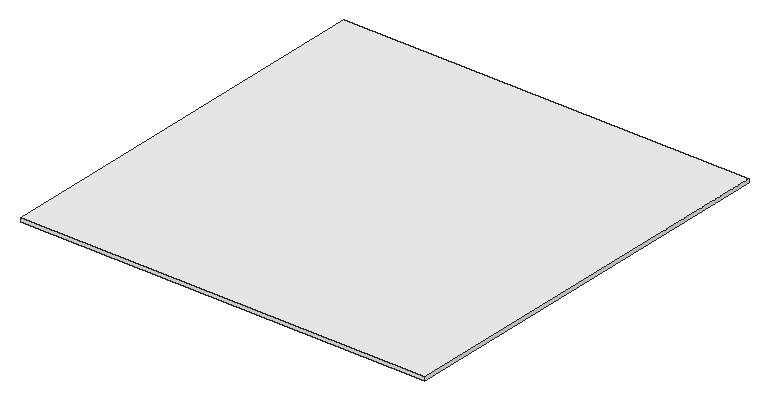
Revit family "NBS_INTRAMattingSystems_EntMatt_INTRAlux-Elite", category Generic Models, host Face, Revit 2013
Parameters (values of type "INTRAlux-Elite")
  Width [instance] = 1000 mm
  Weight = "4260g/m²"
  WarrantyStartDate [instance] = "1900-12-31T23:59:59"
  WarrantyGuarantorParts = "n/a"
  WarrantyGuarantorLabor = "n/a"
  WarrantyDurationUnit = "n/a"
  WarrantyDurationParts = "n/a"
  WarrantyDurationLabor = "n/a"
  WarrantyDescription = "n/a"
  Version = "1"
  Uniclass2 = "45-57-11/426"
  TrafficType = "n/a"
  TotalThickness = 9 mm
  Thickness = 9 mm  # constant formula
  TemperatureResistance = "n/a"
  TagNumber [instance] = "n/a"
  SustainabilityPerformance = "n/a"
  SurfaceSpreadOfFlame = "n/a"
  SurfaceInsertOptions = "n/a"
  Size = "Roll: 2000mm x 25m."
  Shape = "To be installed to any matwell shape/size"
  SerialNumber [instance] = "n/a"
  Revision = "n/a"
  ReplacementCost = "n/a"
  Reference = "n/a"
  Radius = "n/a"
  ProductInformation = "www.intramatting.com/product_download.php"
  Pattern = "n/a"
  NominalWidth = 0 mm
  NominalLength = 0 mm
  NominalHeight = 9 mm
  Name = "EntranceMatting_INTRAlux-Elite"
  NBSTypeID = "n/a"
  NBSReference = "45-35-35/420"
  NBSOfficeMasterTag = "n/a"
  NBSNote = "n/a"
  NBSDescription = "Entrance matting"
  NBSCertification = "www.nationalbimlibrary.com/intramatting-systems/intralux-elite"
  ModuleWidth = "n/a"
  ModelReference = "INTRAlux Elite"
  ModelNumber = "n/a"
  MatwellFrameFinish = "n/a"
  MattingHeight = "9mm"
  Material = "n/a"
  ManufacturerURL = "www.intramatting.com"
  ManufacturerName = "INTRAmatting Systems"
  Manufacturer = "info@intramatting.com"
  LinkingJoints = "n/a"
  Length [instance] = 1000 mm
  IntegralAccessories = "n/a"
  InstallationDate [instance] = "1900-12-31T23:59:59"
  InsertColourOptions = "608 Black, 607 Anthracite, 606 Grey, 602 Blue, 605 Brown, 609 Purple, 610 Turquoise, 604 Coco, 601 Red."
  IfcExportType = "FLOORING"
  IfcExportAs = "IfcCoveringType"
  HasNonSkidSurface = yes
  HasAntiStaticSurface = no
  Grade = "n/a"
  FragilityRating = "n/a"
  FlammabilityRating = "n/a"
  FireRating = "Cfl-s1"
  Finish = "n/a"
  Features = "n/a"
  ExpectedLife = "3-5 years"
  EnvironmentalProductDeclaration = "Produced from 33% recycled Econyl Fibre"
  EntranceMattingMaterial = NBS_INTRAMattingSystems_EntranceMatting_INTRAlux-Elite
  DurationUnit = "year"
  Description = "High quality polyamide sheet fibre barrier matting."
  Default Elevation = 0 mm
  Construction = "n/a"
  Constituents = "Econyl recycled polyamide yarn (33%) and vinyl backing."
  Combustible = yes
  Color = "n/a"
  CodePerformance = "n/a"
  Category = "n/a"
  BaseMaterial = "n/a"
  BaseColour = "n/a"
  BarCode [instance] = "n/a"
  BIMObjectName = "NBS_INTRAMattingSystems_EntranceMatting_INTRAlux-Elite"
  Author = "NBS"
  AssetType = "Fixed"
  AssetIdentifier [instance] = "n/a"
  Arrangement = "Interior surface mounted."
  AcousticRating = "n/a"
  AccessibilityPerformance = "n/a"
Types (2, lengths in mm): name | TotalThickness | NominalHeight | Manufacturer | HasAntiStaticSurface | Description
  (no name) | 0 | 0 | 0 | yes | 0
  INTRAlux-Elite | 9 | 9 | "info@intramatting.com" | no | "High quality polyamide sheet fibre barrier matting."
Values of the unnamed type that differ from the named types
  Weight = ""
  WarrantyStartDate = ""
  WarrantyGuarantorParts = ""
  WarrantyGuarantorLabor = ""
  WarrantyDurationUnit = ""
  WarrantyDurationParts = ""
  WarrantyDurationLabor = ""
  WarrantyDescription = ""
  Version = ""
  Uniclass2 = ""
  TrafficType = ""
  TemperatureResistance = ""
  TagNumber = ""
  SustainabilityPerformance = ""
  SurfaceSpreadOfFlame = ""
  SurfaceInsertOptions = ""
  Size = ""
  Shape = ""
  SerialNumber = ""
  Revision = ""
  ReplacementCost = ""
  Reference = ""
  Radius = ""
  ProductInformation = ""
  Pattern = ""
  Name = ""
  NBSTypeID = ""
  NBSReference = ""
  NBSOfficeMasterTag = ""
  NBSNote = ""
  NBSDescription = ""
  NBSCertification = ""
  ModuleWidth = ""
  ModelReference = ""
  ModelNumber = ""
  MatwellFrameFinish = ""
  MattingHeight = ""
  Material = ""
  ManufacturerURL = ""
  ManufacturerName = ""
  LinkingJoints = ""
  IntegralAccessories = ""
  InstallationDate = ""
  InsertColourOptions = ""
  IfcExportType = ""
  IfcExportAs = ""
  Grade = ""
  FragilityRating = ""
  FlammabilityRating = ""
  FireRating = ""
  Finish = ""
  Features = ""
  ExpectedLife = ""
  EnvironmentalProductDeclaration = ""
  DurationUnit = ""
  Construction = ""
  Constituents = ""
  Color = ""
  CodePerformance = ""
  Category = ""
  BaseMaterial = ""
  BaseColour = ""
  BarCode = ""
  BIMObjectName = ""
  Author = ""
  AssetType = ""
  AssetIdentifier = ""
  Arrangement = ""
  AcousticRating = ""
  AccessibilityPerformance = ""
Reference planes
  plane 1 "Center (Front/Back)": y = 0
  plane 2: z = 0
  plane 3 "Center (Left/Right)": x = 0
  plane 4: x = -500
  plane 5: x = 500
  plane 6: y = 500
  plane 7: y = -500
  plane 8: z = 9
Forms (mm)
  Extrusion 1, solid, material "NBS_INTRAMattingSystems_EntranceMatting_INTRAlux-Elite" <- "EntranceMattingMaterial"
    sketch origin (0, 0, 0) x (1, 0, 0) y (0, 1, 0)
      loop
        line (-500, 500) -> (-500, -500) -> (500, -500) -> (500, 500) -> (-500, 500)
    from 0 to 9
Dimensions and locks
  equal spacing: plane 6, plane 1 "Center (Front/Back)", plane 7
  equal spacing: plane 4, plane 3 "Center (Left/Right)", plane 5
  "Length": plane 4 to plane 5
  "Width": plane 6 to plane 7
  "Thickness": plane 8 to plane 2
  aligned and locked: plane 2 to host face
  aligned and locked: level to host face
  aligned and locked: Extrusion 1 sketch curve to plane 6
  aligned and locked: plane 4 to Extrusion 1 sketch curve
  aligned and locked: plane 7 to Extrusion 1 sketch curve
  aligned and locked: Extrusion 1 sketch curve to plane 5
  aligned and locked: Extrusion 1 to plane 2
  aligned and locked: plane 8 to Extrusion 1
Automatic sketch dimensions
  host sketch curve to host sketch curve = 2438.4 mm  (x2)
